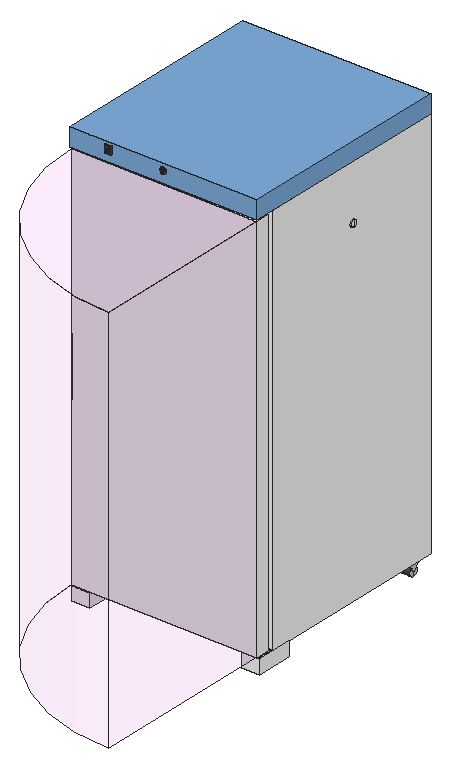
Revit family "QF_Summit_ACR1011W_24_Wide_Upright_Healthcare_Refrigerator", category Specialty Equipment, Revit 2021
Family settings
  Round Connector Dimension = Use Diameter
  Part Type = Normal
  Work Plane-Based = No
  Always vertical = Yes
  Cut with Voids When Loaded = No
  Shared = No
  Room Calculation Point = No
Parameters
  Weight in Pounds = 116.8
  Watts = Volts * FL Amps  # 230 W
  Volts = 115 V
  URL Cutsheet = ""
  Specification by User = ""
  Specification by Manufacturer = ""
  Show Right Hand Door [instance] = yes
  Show Left Hand Door [instance] = not(Show Right Hand Door)  # no
  Show Clearance [instance] = yes
  Serial Number = ""
  Seismic Rating = ""
  SMACNA No = ""
  Revision Code = ""
  Refrigerant Type = "R600a"
  Phase = 1
  Number of Poles = 1
  NAFEM Spec ID Number = ""
  Model = "ACR1011W"
  Min Ckt Ampacity = 0 A
  Max Overcurrent Protection = 0 A
  Masterspec = ""
  Manufacturer = "Summit"
  Length = 23.38"
  Item Number = ""
  Installed By = ""
  Identify Quantity as Lot = yes
  Height = 53.13"
  HP = ""
  Furnished By = ""
  Foodservice Equipment Identifier = yes
  FL Amps = 2 A
  Electrical Remarks = ""
  Electric Connection Type = ""
  Elec Conn RI Height = 0"
  Elec Conn Connection Height = 0"
  Description = "24\" Wide Upright Healthcare Refrigerator"
  Depth = 27 3/4"
  Default Elevation = 0"
  Cycle = 60 Hz
  Conn Plug = ""
  Conn Conduit = yes
  CSI MasterFormat = ""
  Apparent Power = 0 VA
Reference planes (in)
  plane 1 "BACK": y = 0
  plane 2: z = 0
  plane 3 "LEFT": x = 0
  plane 4 "RIGHT": x = 23.38
  plane 5 "FRONT": y = -27.75
  plane 6 "TOP": z = 53.13
  plane 7 "Center Y": x = 11.69
  plane 8 "Center X": y = -13.875
Forms (in)
  Extrusion 1, solid, material "QF_Metallic_Paint_Black_Smooth"
    sketch origin (23.5, -27.75, 34) x (-1, 0, 0) y (0, 0, -1)
      loop
        line (19, -18.8175) -> (19, -17.8175) -> (18.25, -17.8175) -> (18.25, -18.8175) -> (19, -18.8175)
      loop
        line (18.9375, -17.88) -> (18.3125, -17.88) -> (18.3125, -18.755) -> (18.9375, -18.755) -> (18.9375, -17.88)
    from 0 to 0.06944
  Extrusion 2, solid, material "QF_Metal_Stainless_Polished"
    sketch origin (25.875, -27.75, 34.375) x (-1, 0, 0) y (0, 0, -1)
      loop
        circle (14.185, -17.9425) r 0.375
      loop
        circle (14.185, -17.9425) r 0.33622
    from 0 to 0.03125
  Extrusion 3, solid, material "QF_Metallic_Paint_Black_Smooth"
    sketch origin (25.875, -27.75, 34.375) x (-1, 0, 0) y (0, 0, -1)
      loop
        circle (14.185, -17.9425) r 0.33622
      loop
        circle (14.185, -17.9425) r 0.07983
    from 0 to 0.03125
  Extrusion 4, solid, material "QF_Metallic_Paint_Black_Smooth"
    sketch origin (4.5625, -27.75, 51.88) x (0, 0, 1) y (0, -1, 0)
      loop
        arc (0.875, 0.12309) -> (0.86283, 0.15087) -> (0.83417, 0.16076) r 0.03779
        line (0.83417, 0.16076) -> (0.44703, 0.12948)
        arc (0.44703, 0.12948) -> (0.44158, 0.11472) -> (0.42712, 0.10851) r 0.01994
        line (0.42712, 0.10851) -> (0.03125, 0.10851)
        arc (0.03125, 0.10851) -> (0.00915, 0.09935) -> (0, 0.07726) r 0.03125
        line (0, 0.07726) -> (0, 0) -> (0.875, 0) -> (0.875, 0.12309)
    from 0 to 0.625
  Extrusion 5, solid, material "QF_Metal_Stainless_Polished"
    sketch origin (25.875, -27.75, 34.375) x (-1, 0, 0) y (0, 0, -1)
      loop
        circle (14.185, -17.9425) r 0.07983
    from 0 to 0.03125
  Extrusion 6, solid, material "QF_Plastic_Light_Blue_Smooth"
    sketch origin (-38.39759, -180, 53.13) x (-1, 0, 0) y (0, -1, 0)
      loop
        line (-38.39759, -152.25) -> (-61.77759, -152.25) -> (-61.77759, -179.25) -> (-38.39759, -179.25) -> (-38.39759, -152.25)
    from 0 to -2.25611
  Extrusion 7, solid, material "QF_Plastic_White_Smooth"
    sketch origin (0, 0, 0) x (0, 1, 0) y (0, 0, 1)
      loop
        line (-25.375, 50.87389) -> (-25.375, 1.74779) -> (-0.75, 1.74779) -> (-0.75, 50.87389) -> (-25.375, 50.87389)
    from 0 to 23.38
  Extrusion 8, solid, material "QF_Plastic_White_Smooth"
    sketch origin (0, -19.875, 5) x (1, 0, 0) y (0, -1, 0)
      loop
        line (0.625, 6) -> (0.625, 5.5) -> (22.755, 5.5) -> (22.755, 6) -> (0.625, 6)
    from 2.50221 to -45.12389
  Extrusion 9, solid, material "QF_Metal_Stainless_Polished"
    sketch origin (0, -0.75, 51.60602) x (0, 0, -1) y (-1, 0, 0)
      loop
        circle (48.07735, -22.29558) r 0.25
    from 0 to 0.03125
  Revolve 10, solid, material "QF_Plastic_White_Smooth"
    sketch origin (0, -13, 49.00076) x (0, 0, 1) y (1, 0, 0)
      loop
        line (-4.50076, 23.38) -> (-4.50076, 23.63) -> (-4.87576, 23.63) -> (-4.87576, 23.38) -> (-4.50076, 23.38)
      axis (-4.87576, 23.38) -> (-4.87576, 23.63)
    angle from 0 to 360
  Extrusion 11, solid, material "QF_Metal_Stainless_Polished"
    sketch origin (2.75, -5.78899, 48) x (0, -1, 0) y (0, 0, 1)
      loop
        line (-5.03899, -3.62047) -> (-5.78899, -3.62047) -> (-5.78899, -35.36826) -> (-5.03899, -35.36826) -> (-5.03899, -3.62047)
    from 0 to -18
  Extrusion 12, solid, material "QF_Plastic_White_Smooth"
    sketch origin (23.5, 0, 0) x (0, 1, 0) y (0, 0, -1)
      loop
        line (-22.875, -1.74779) -> (-22.875, 0) -> (-27.375, 0) -> (-27.375, -1.74779) -> (-22.875, -1.74779)
    from 0.12 to 2.375
  Extrusion 13, solid, material "QF_Plastic_White_Smooth"
    sketch origin (-0.12, 0, 0) x (0, 1, 0) y (0, 0, 1)
      loop
        line (-22.875, 1.74779) -> (-27.375, 1.74779) -> (-27.375, 0) -> (-22.875, 0) -> (-22.875, 1.74779)
    from 0.12 to 2.375
Lines and regions (in)
  Split face 1
    outline origin (0, -27.75, 53.13) x (1, 0, 0) y (0, 0, 1)
      loop
        line (14.94, -0.35741) -> (14.94, -1.88416) -> (18.38154, -1.88416) -> (18.38154, -0.35741) -> (14.94, -0.35741)
  Split face 2
    outline origin (0, -27.75, 53.13) x (1, 0, 0) y (0, 0, 1)
      loop
        line (18.96162, -0.11046) -> (18.96162, -2.18531) -> (22.71162, -2.18531) -> (22.71162, -0.11046) -> (18.96162, -0.11046)
  Split face 3
    outline origin (0, -27.75, 53.13) x (1, 0, 0) y (0, 0, 1)
      loop
        line (19.46162, -0.30414) -> (19.46162, -1.99164) -> (22.21162, -1.99164) -> (22.21162, -0.30414) -> (19.46162, -0.30414)
  symbolic lines
    curve 1: line (0, -0.75, 0) -> (23.38, -0.75, 0)
    curve 2: line (0, -27.75, 0) -> (0, -0.75, 0)
    curve 3: line (23.38, -27.75, 0) -> (0, -27.75, 0)
    curve 4: line (23.38, -0.75, 0) -> (23.38, -27.75, 0)
    curve 5: line (2.75, 0, 0) -> (2.75, -0.75, 0)
    curve 6: line (20.75, 0, 0) -> (2.75, 0, 0)
    curve 7: line (20.75, -0.75, 0) -> (20.75, 0, 0)
    curve 8: line (4.5, -27.75, 0) -> (4.5, -27.81944, 0)
    curve 9: line (4.5, -27.81944, 0) -> (5.25, -27.81944, 0)
    curve 10: line (5.25, -27.81944, 0) -> (5.25, -27.75, 0)
    curve 11: line (5.1875, -27.91089, 0) -> (5.1875, -27.81944, 0)
    curve 12: line (4.5625, -27.81944, 0) -> (4.5625, -27.91089, 0)
    curve 13: line (5.1875, -27.91089, 0) -> (4.5625, -27.91089, 0)
    curve 14: line (11.315, -27.78125, 0) -> (11.315, -27.75, 0)
    curve 15: line (11.315, -27.78125, 0) -> (12.065, -27.78125, 0)
    curve 16: line (12.065, -27.78125, 0) -> (12.065, -27.75, 0)
    curve 17: line (16.13, -27.78125, 0) -> (16.13, -27.75, 0)
    curve 18: line (16.13, -27.78125, 0) -> (19.13, -27.78125, 0)
    curve 19: line (19.13, -27.78125, 0) -> (19.13, -27.75, 0)
    curve 20: line (23.63, -12.625, 0) -> (23.38, -12.625, 0)
    curve 21: line (23.63, -12.625, 0) -> (23.63, -13.375, 0)
    curve 22: line (23.63, -13.375, 0) -> (23.38, -13.375, 0)
Dimensions and locks (in)
  equal spacing: plane 3 "LEFT", plane 7 "Center Y", plane 4 "RIGHT"
  "Length": plane 3 "LEFT" to plane 4 "RIGHT"
  equal spacing: plane 5 "FRONT", plane 8 "Center X", plane 1 "BACK"
  "Depth": plane 5 "FRONT" to plane 1 "BACK"
  "Height": plane 6 "TOP" to level
  aligned and locked: level to plane 2
Automatic sketch dimensions
  curve 1 to plane 3 "LEFT" = 0"
  plane 1 "BACK" to curve 6 = 0"
  plane 5 "FRONT" to curve 8 = 0"
  curve 1 to plane 4 "RIGHT" = 0"
  plane 3 "LEFT" to curve 6 = 2 3/4"
  plane 5 "FRONT" to curve 9 = 0.06944"
  plane 3 "LEFT" to curve 9 = 4 1/2"
  curve 8 to curve 13 = 1/16"
  plane 5 "FRONT" to curve 13 = 0.16089"
  curve 12 to curve 13 = 5/8"
  curve 11 to curve 9 = 1/16"
  plane 5 "FRONT" to curve 14 = 1/32"
  curve 14 to plane 7 "Center Y" = 3/8"
  plane 7 "Center Y" to curve 15 = 3/8"
  plane 5 "FRONT" to curve 17 = 1/32"
  curve 15 to curve 17 = 4.065"
  curve 17 to curve 19 = 3"
  plane 4 "RIGHT" to curve 6 = 2.63"
  curve 22 to curve 21 = 1/4"
  plane 8 "Center X" to curve 21 = 1/2"
  curve 21 to curve 20 = 3/4"
  plane 1 "BACK" to curve 2 = 3/4"
  Extrusion 1 sketch curve to plane 6 "TOP" = 5/16"
  plane 3 "LEFT" to Extrusion 1 sketch curve = 5 1/4"
  Extrusion 1 sketch curve to Extrusion 1 sketch curve = 1/16"  (x4)
  Extrusion 1 sketch curve to Extrusion 1 sketch curve = 5/8"
  Extrusion 1 sketch curve to Extrusion 1 sketch curve = 7/8"
  Extrusion 2 sketch curve to Extrusion 2 sketch curve = 0"  (x2)
  Extrusion 2 sketch curve to plane 7 "Center Y" = 0"
  Extrusion 2 sketch curve to plane 6 "TOP" = 13/16"
  Extrusion 3 sketch curve to Extrusion 3 sketch curve = 0"  (x2)
  Extrusion 3 sketch curve to plane 7 "Center Y" = 0"
  Extrusion 3 sketch curve to plane 6 "TOP" = 13/16"
  Extrusion 4 sketch curve to Extrusion 1 = 0"  (x2)
  Extrusion 1 to Extrusion 4 sketch curve = 0"
  Extrusion 1 to Extrusion 4 sketch curve = 1/32"
  Extrusion 4 sketch curve to Extrusion 1 = 0.059"
  Extrusion 4 sketch curve to Extrusion 4 sketch curve = 0.39587"
  Extrusion 4 sketch curve to Extrusion 1 = 0.06004"
  Extrusion 4 sketch curve to Extrusion 4 sketch curve = 0.01991"
  Extrusion 1 to Extrusion 4 sketch curve = 0.04083"
  Extrusion 4 sketch curve to Extrusion 4 sketch curve = 0.00304"
  Extrusion 4 sketch curve to Extrusion 1 = 0.05365"
  Extrusion 5 sketch curve to plane 7 "Center Y" = 0"
  Extrusion 5 sketch curve to plane 6 "TOP" = 13/16"
  Extrusion 6 sketch curve to plane 4 "RIGHT" = 0"
  Extrusion 6 sketch curve to plane 3 "LEFT" = 0"
  plane 5 "FRONT" to Extrusion 6 sketch curve = 0"
  plane 1 "BACK" to Extrusion 6 sketch curve = 3/4"
  Extrusion 7 sketch curve to plane 5 "FRONT" = 2 3/8"
  plane 1 "BACK" to Extrusion 7 sketch curve = 3/4"
  level to Extrusion 7 sketch curve = 1.74779"
  Extrusion 7 sketch curve to plane 6 "TOP" = 2.25611"
  plane 3 "LEFT" to Extrusion 8 sketch curve = 5/8"
  plane 4 "RIGHT" to Extrusion 8 sketch curve = 5/8"
  Extrusion 8 sketch curve to plane 5 "FRONT" = 1 7/8"
  Extrusion 8 sketch curve to Extrusion 8 sketch curve = 1/2"
  Extrusion 7 to Extrusion 9 sketch curve = 1.78088"
  Extrusion 7 to Extrusion 9 sketch curve = 1.08442"
  plane 4 "RIGHT" to Revolve 10 sketch curve = 0"  (x2)
  Revolve 10 sketch curve to plane 6 "TOP" = 9.005"
  Revolve 10 sketch curve to Revolve 10 sketch curve = 3/8"
  Revolve 10 sketch curve to plane 4 "RIGHT" = 1/4"
  Revolve 10 sketch curve to Revolve 10 sketch curve = 0"
  Revolve 10 sketch curve to plane 4 "RIGHT" = 0.09237"
  Extrusion 11 sketch curve to plane 1 "BACK" = 0"
  plane 1 "BACK" to Extrusion 11 sketch curve = 3/4"
  level to Extrusion 11 sketch curve = 12.63174"
  Extrusion 11 sketch curve to plane 6 "TOP" = 8.75047"
  Extrusion 12 sketch curve to level = 0"
  Extrusion 12 sketch curve to plane 5 "FRONT" = 3/8"
  Extrusion 12 sketch curve to Extrusion 12 sketch curve = 4 1/2"
  level to Extrusion 12 sketch curve = 1.74779"
  Split face 1 sketch curve to Extrusion 6 = 0.37195"
  Split face 1 sketch curve to Extrusion 6 = 8.44"
  Split face 1 sketch curve to Split face 1 sketch curve = 3.44154"
  Split face 1 sketch curve to Extrusion 6 = 0.35741"
  Split face 2 sketch curve to Extrusion 6 = 0.07079"
  Split face 2 sketch curve to Extrusion 6 = 4.41838"
  Split face 2 sketch curve to Extrusion 6 = 0.66838"
  Split face 2 sketch curve to Extrusion 6 = 0.11046"
  Split face 3 sketch curve to Extrusion 6 = 0.26447"
  Split face 3 sketch curve to Extrusion 6 = 3.91838"
  Split face 3 sketch curve to Extrusion 6 = 1.16838"
  Split face 3 sketch curve to Extrusion 6 = 0.30414"
  Extrusion 13 sketch curve to level = 0"
  Extrusion 13 sketch curve to plane 5 "FRONT" = 3/8"
  Extrusion 13 sketch curve to Extrusion 13 sketch curve = 4 1/2"
  Extrusion 13 sketch curve to Extrusion 13 sketch curve = 1.74779"
  radius of Extrusion 2 sketch curve = 3/8"
  radius of Extrusion 2 sketch curve = 0.33622"
  radius of Extrusion 3 sketch curve = 0.33622"
  radius of Extrusion 3 sketch curve = 0.07983"
  radius of Extrusion 5 sketch curve = 0.07983"
  radius of Extrusion 9 sketch curve = 1/4"
Nested families (in)
  nested 1: "RHD AND LHD" at (0.065, -25.875, 0.24389), Show Clearance <- "Show Clearance", Show Left Hand Door <- "Show Left Hand Door", Show Right Hand Door <- "Show Right Hand Door", type "RHD AND LHD"
    with Show Right Hand Door yes, Show Left Hand Door no, Show Clearance yes, Right Hand Door yes, Left Hand Door no, Clearance yes
  nested 2: "2 INCHES_CASTER" at (22.3125, -3.21818, 0), type "2 INCHES_CASTER"
    with Type Mark "", Specification by User "", Revision Code "", Item Number "", Installed By "", Identify Quantity as Lot yes, Furnished By "", Foodservice Equipment Identifier yes, 2.5 Inches Caster yes
  nested 3: "2 INCHES_CASTER" at (1.1875, -3.21818, 0) x (-1, 0, 0) z (0, 0, 1), type "2 INCHES_CASTER"
    with Type Mark "", Specification by User "", Revision Code "", Item Number "", Installed By "", Identify Quantity as Lot yes, Furnished By "", Foodservice Equipment Identifier yes, 2.5 Inches Caster yes
Connectors (in)
  electrical at (22.29558, -0.71875, 3.52867), driven by "Volts", driven by "Watts"
    settings: on Extrusion 9, index 1, voltage 115 V, apparent load 230 VA, apparent load phase1 0 VA, apparent load phase2 0 VA, apparent load phase3 0 VA, power factor 1, load classification "Other", number of poles 1, system type 30, power factor state 1, is connector primary yes, connector utility no, sub classification motor no, connector description "ELECTRICAL CONNECTION"
Definition of nested family "RHD AND LHD"
  Parameters (values of type "RHD AND LHD")
    Weight in Pounds = 0
    URL Cutsheet = ""
    Specification by User = ""
    Specification by Manufacturer = ""
    Show Right Hand Door [instance] = yes
    Show Left Hand Door [instance] = yes
    Show Clearance [instance] = yes
    Serial Number = ""
    Seismic Rating = ""
    SMACNA No = ""
    Right Hand Door [instance] = Show Right Hand Door  # yes
    Revision Code = ""
    NAFEM Spec ID Number = ""
    Masterspec = ""
    Length = 23 1/4"
    Left Hand Door [instance] = Show Left Hand Door  # yes
    Item Number = ""
    Installed By = ""
    Identify Quantity as Lot = yes
    Height = 53.13"
    Furnished By = ""
    Foodservice Equipment Identifier = yes
    Depth = 1 3/4"
    Default Elevation = 0"
    Clearance [instance] = Show Clearance  # yes
    CSI MasterFormat = ""
  Reference planes (in)
    plane 1 "BACK": y = 0
    plane 2: z = 0
    plane 3 "LEFT": x = 0
    plane 4 "RIGHT": x = 23.25
    plane 5 "FRONT": y = -1.75
    plane 6 "TOP": z = 53.13
    plane 7 "Center Y": x = 11.625
    plane 8 "Center X": y = -0.875
  Dimensions and locks (in)
    equal spacing: plane 3 "LEFT", plane 7 "Center Y", plane 4 "RIGHT"
    "Length": plane 3 "LEFT" to plane 4 "RIGHT"
    equal spacing: plane 5 "FRONT", plane 8 "Center X", plane 1 "BACK"
    "Depth": plane 5 "FRONT" to plane 1 "BACK"
    "Height": plane 6 "TOP" to level
    aligned and locked: level to plane 2
  Nested families (in)
    nested 1: "RHD" at (0, 0, 0), Show Clearance <- "Show Clearance", Show Right Hand Door <- "Right Hand Door", visible <- "Right Hand Door", type "RHD"
      with Show Right Hand Door yes, Show Clearance yes, Right Hand Door yes, Clearance yes
    nested 2: "LHD" at (0, 0, 0), Show Clearance <- "Show Clearance", Show Left Hand Door <- "Left Hand Door", visible <- "Left Hand Door", type "LHD"
      with Show Left Hand Door yes, Show Clearance yes, Right Hand Door yes, Left Hand Door yes, Clearance yes
  Definition of nested family "RHD"
    Parameters (values of type "RHD")
      Weight in Pounds = 0
      URL Cutsheet = ""
      Specification by User = ""
      Specification by Manufacturer = ""
      Show Right Hand Door [instance] = yes
      Show Clearance [instance] = yes
      Serial Number = ""
      Seismic Rating = ""
      SMACNA No = ""
      Right Hand Door [instance] = Show Right Hand Door  # yes
      Revision Code = ""
      NAFEM Spec ID Number = ""
      Masterspec = ""
      Length = 23 1/4"
      Item Number = ""
      Installed By = ""
      Identify Quantity as Lot = yes
      Height = 53.13"
      Furnished By = ""
      Foodservice Equipment Identifier = yes
      Depth = 1 3/4"
      Default Elevation = 0"
      Clearance [instance] = Show Clearance  # yes
      CSI MasterFormat = ""
    Reference planes (in)
      plane 1 "BACK": y = 0
      plane 2: z = 0
      plane 3 "LEFT": x = 0
      plane 4 "RIGHT": x = 23.25
      plane 5 "FRONT": y = -1.75
      plane 6 "TOP": z = 53.13
      plane 7 "Center Y": x = 11.625
      plane 8 "Center X": y = -0.875
      plane 9: z = 1.5
    Forms (in)
      Extrusion 1, solid, visible <- "Right Hand Door"
        sketch origin (-2.76448, -1.75, 48) x (-1, 0, 0) y (0, 0, 1)
          loop
            line (-2.82698, 2.38) -> (-25.95198, 2.38) -> (-25.95198, -46.24611) -> (-2.82698, -46.24611) -> (-2.82698, 2.38)
        from 0 to 1.75
      Extrusion 2, solid, visible <- "Right Hand Door"
        sketch origin (0, -0.25, 14.27007) x (0, 1, 0) y (0, 0, 1)
          loop
            arc (0.125, 15.6275) -> (0.05178, 15.80428) -> (-0.125, 15.8775) r 0.25
            line (-0.125, 15.8775) -> (-1.125, 15.8775)
            arc (-1.125, 15.8775) -> (-1.30178, 15.80428) -> (-1.375, 15.6275) r 0.25
            line (-1.375, 15.6275) -> (-1.375, 8.1275)
            arc (-1.375, 8.1275) -> (-1.30178, 7.95072) -> (-1.125, 7.8775) r 0.25
            line (-1.125, 7.8775) -> (-0.125, 7.8775)
            arc (-0.125, 7.8775) -> (0.05178, 7.95072) -> (0.125, 8.1275) r 0.25
            line (0.125, 8.1275) -> (0.125, 15.6275)
          loop
            arc (-0.125, 15.12512) -> (-0.625, 15.62512) -> (-1.125, 15.12512) r 0.5
            line (-1.125, 15.12512) -> (-1.125, 8.6275)
            arc (-1.125, 8.6275) -> (-0.625, 8.1275) -> (-0.125, 8.6275) r 0.5
            line (-0.125, 8.6275) -> (-0.125, 15.12512)
        from 0 to 0.0625
      Extrusion 3, void
        sketch origin (0, -0.25, 14.27007) x (0, 1, 0) y (0, 0, 1)
          loop
            line (-0.125, 8.6275) -> (-0.125, 15.12512)
            arc (-0.125, 15.12512) -> (-0.625, 15.62512) -> (-1.125, 15.12512) r 0.5
            line (-1.125, 15.12512) -> (-1.125, 8.6275)
            arc (-1.125, 8.6275) -> (-0.625, 8.1275) -> (-0.125, 8.6275) r 0.5
        from 0 to 0.33876
      Extrusion 4, solid, visible <- "Clearance"
        sketch origin (23.1875, -1.75, 1.75389) x (0, 1, 0) y (1, 0, 0)
          loop
            line (0, -23.125) -> (0, 0) -> (-23.125, 0)
            arc (-23.125, 0) -> (-16.35184, -16.35184) -> (0, -23.125) r 23.125
        from 0 to -48.62611
      Revolve 5, solid, visible <- "Right Hand Door"
        sketch origin (22.75, -163.625, 20.255) x (0, 0, 1) y (0, -1, 0)
          loop
            line (30.125, -162.75) -> (30.125, -163) -> (30.375, -163) -> (30.375, -162.75) -> (30.125, -162.75)
          axis (30.375, -162.75) -> (30.125, -162.75)
        angle from 0 to 360
      Extrusion 6, solid, visible <- "Right Hand Door"
        sketch origin (18.75, 0.5, 1.50389) x (-1, 0, 0) y (0, 0, -1)
          loop
            line (-3.5625, -0.15066) -> (-3.5625, -0.08986) -> (-4.4375, -0.08986) -> (-4.4375, -0.15066) -> (-3.5625, -0.15066)
        from 0 to 1.84933
      Revolve 7, solid, visible <- "Right Hand Door"
        sketch origin (22.75, -163.625, 1.75389) x (0, 0, 1) y (0, -1, 0)
          loop
            line (-0.09934, -162.75) -> (-0.09934, -163) -> (0, -163) -> (0, -162.75) -> (-0.09934, -162.75)
          axis (0, -162.75) -> (-0.09934, -162.75)
        angle from 0 to 360
    Cuts and joins
      Extrusion 3 cuts Extrusion 1
      Extrusion 3 cuts Extrusion 2
    Lines and regions (in)
      symbolic lines, visible <- "Clearance"
        curve 1: arc (3.26979, -13.49949, 0) -> (0.87873, -7.83969, 0) -> (0.0625, -1.75, 0) r 23.125
        curve 2: line (23.1875, -2, 0) -> (3.26979, -13.49949, 0)
    Dimensions and locks (in)
      equal spacing: plane 3 "LEFT", plane 7 "Center Y", plane 4 "RIGHT"
      "Length": plane 3 "LEFT" to plane 4 "RIGHT"
      equal spacing: plane 5 "FRONT", plane 8 "Center X", plane 1 "BACK"
      "Depth": plane 5 "FRONT" to plane 1 "BACK"
      "Height": plane 6 "TOP" to level
      aligned and locked: level to plane 2
    Automatic sketch dimensions
      plane 4 "RIGHT" to Extrusion 1 sketch curve = 1/16"
      plane 3 "LEFT" to Extrusion 1 sketch curve = 1/16"
      level to Extrusion 1 sketch curve = 1 193/256"
      Extrusion 1 sketch curve to plane 6 "TOP" = 2 3/4"
      Extrusion 2 sketch curve to Extrusion 2 sketch curve = 1/4"  (x3)
      Extrusion 2 sketch curve to Extrusion 2 sketch curve = 1/2"  (x3)
      Extrusion 2 sketch curve to Extrusion 2 sketch curve = 0"  (x2)
      level to Extrusion 2 sketch curve = 22.14757"
      Extrusion 2 sketch curve to Extrusion 2 sketch curve = 6.49762"
      Extrusion 2 sketch curve to Extrusion 2 sketch curve = 0.50238"
      Extrusion 3 sketch curve to Extrusion 3 sketch curve = 1/2"
      level to Extrusion 3 sketch curve = 22.89757"
      Extrusion 3 sketch curve to Extrusion 3 sketch curve = 6.49762"
      Extrusion 4 sketch curve to Extrusion 1 = 0"  (x2)
      Extrusion 1 to Extrusion 4 sketch curve = 0"
      Extrusion 2 sketch curve to plane 5 "FRONT" = 1/8"
      Extrusion 3 sketch curve to plane 5 "FRONT" = 3/8"
      Revolve 5 sketch curve to plane 8 "Center X" = 0"  (x2)
      Revolve 5 sketch curve to plane 6 "TOP" = 2 3/4"
      Revolve 5 sketch curve to Revolve 5 sketch curve = 1/4"  (x2)
      Revolve 5 sketch curve to Revolve 5 sketch curve = 0.25472"
      Revolve 5 sketch curve to Revolve 5 sketch curve = 1/8"
      plane 4 "RIGHT" to Extrusion 6 sketch curve = 1/16"
      Extrusion 6 sketch curve to Extrusion 6 sketch curve = 7/8"
      level to Extrusion 6 sketch curve = 1.65455"
      Extrusion 6 sketch curve to Extrusion 6 sketch curve = 0.0608"
      Revolve 7 sketch curve to plane 8 "Center X" = 0"  (x2)
      level to Revolve 7 sketch curve = 1.65455"
      Revolve 7 sketch curve to Revolve 7 sketch curve = 0.09934"
      Revolve 7 sketch curve to Revolve 7 sketch curve = 1/4"
      Revolve 7 sketch curve to Revolve 7 sketch curve = 0.03038"
      Revolve 7 sketch curve to Revolve 7 sketch curve = 0"
      plane 5 "FRONT" to curve 1 = 0"
      plane 4 "RIGHT" to curve 1 = 1/16"
      plane 4 "RIGHT" to curve 2 = 1/16"
      plane 3 "LEFT" to curve 2 = 3.26979"
      plane 3 "LEFT" to curve 1 = 1/16"
      curve 2 to curve 1 = 1/4"
  Definition of nested family "LHD"
    Parameters (values of type "LHD")
      Weight in Pounds = 0
      URL Cutsheet = ""
      Specification by User = ""
      Specification by Manufacturer = ""
      Show Left Hand Door [instance] = yes
      Show Clearance [instance] = yes
      Serial Number = ""
      Seismic Rating = ""
      SMACNA No = ""
      Right Hand Door [instance] = yes
      Left Hand Door [instance] = Show Left Hand Door  # yes
      Revision Code = ""
      NAFEM Spec ID Number = ""
      Masterspec = ""
      Length = 23 1/4"
      Item Number = ""
      Installed By = ""
      Identify Quantity as Lot = yes
      Height = 53.13"
      Furnished By = ""
      Foodservice Equipment Identifier = yes
      Depth = 1 3/4"
      Default Elevation = 0"
      Clearance [instance] = Show Clearance  # yes
      CSI MasterFormat = ""
    Reference planes (in)
      plane 1 "BACK": y = 0
      plane 2: z = 0
      plane 3 "LEFT": x = 0
      plane 4 "RIGHT": x = 23.25
      plane 5 "FRONT": y = -1.75
      plane 6 "TOP": z = 53.13
      plane 7 "Center Y": x = 11.625
      plane 8 "Center X": y = -0.875
      plane 9: z = 1.5
      plane 10: z = 1.59375
    Forms (in)
      Extrusion 1, solid, visible <- "Left Hand Door"
        sketch origin (-2.76448, -1.75, 48) x (-1, 0, 0) y (0, 0, 1)
          loop
            line (-2.82698, 2.38009) -> (-25.95198, 2.38009) -> (-25.95198, -46.24611) -> (-2.82698, -46.24611) -> (-2.82698, 2.38009)
        from 0 to 1.75
      Extrusion 2, solid, visible <- "Left Hand Door"
        sketch origin (23.1875, -1.75, 38.44442) x (0, 0, -1) y (0, 1, 0)
          loop
            arc (8.62743, 1.625) -> (8.45065, 1.55178) -> (8.37743, 1.375) r 0.25
            line (8.37743, 1.375) -> (8.37743, 0.375)
            arc (8.37743, 0.375) -> (8.45065, 0.19822) -> (8.62743, 0.125) r 0.25
            line (8.62743, 0.125) -> (16.12743, 0.125)
            arc (16.12743, 0.125) -> (16.30421, 0.19822) -> (16.37743, 0.375) r 0.25
            line (16.37743, 0.375) -> (16.37743, 1.375)
            arc (16.37743, 1.375) -> (16.30421, 1.55178) -> (16.12743, 1.625) r 0.25
            line (16.12743, 1.625) -> (8.62743, 1.625)
          loop
            arc (9.12981, 1.375) -> (8.62981, 0.875) -> (9.12981, 0.375) r 0.5
            line (9.12981, 0.375) -> (15.62743, 0.375)
            arc (15.62743, 0.375) -> (16.12743, 0.875) -> (15.62743, 1.375) r 0.5
            line (15.62743, 1.375) -> (9.12981, 1.375)
        from 0 to 0.0625
      Extrusion 3, solid, visible <- "Clearance"
        sketch origin (2.21303, -1.75, 2.0025) x (0, -1, 0) y (-1, 0, 0)
          loop
            line (0, 2.15053) -> (0, -20.97447)
            arc (0, -20.97447) -> (16.35184, -14.20131) -> (23.125, 2.15053) r 23.125
            line (23.125, 2.15053) -> (0, 2.15053)
        from 0.24861 to -48.37759
      Extrusion 4, void
        sketch origin (23.1875, -1.75, 48.96314) x (0, 0, 1) y (0, 1, 0)
          loop
            arc (-19.64853, 0.375) -> (-19.14853, 0.875) -> (-19.64853, 1.375) r 0.5
            line (-19.64853, 1.375) -> (-26.14615, 1.375)
            arc (-26.14615, 1.375) -> (-26.64615, 0.875) -> (-26.14615, 0.375) r 0.5
            line (-26.14615, 0.375) -> (-19.64853, 0.375)
        from 0 to 0.68518
      Extrusion 5, solid, visible <- "Left Hand Door"
        sketch origin (1, 0.5, 1.50389) x (-1, 0, 0) y (0, 0, -1)
          loop
            line (0.9375, -0.15066) -> (0.9375, -0.08986) -> (0.0625, -0.08986) -> (0.0625, -0.15066) -> (0.9375, -0.15066)
        from 0 to 1.84933
      Revolve 6, solid, visible <- "Left Hand Door"
        sketch origin (0.5, -163.625, 1.75389) x (0, 0, 1) y (0, -1, 0)
          loop
            line (-0.09934, -162.75) -> (-0.09934, -163) -> (0, -163) -> (0, -162.75) -> (-0.09934, -162.75)
          axis (0, -162.75) -> (-0.09934, -162.75)
        angle from 0 to 360
      Revolve 7, solid, visible <- "Right Hand Door"
        sketch origin (0.5007, -163.625, 20.255) x (0, 0, 1) y (0, 1, 0)
          loop
            line (30.12509, 162.75) -> (30.375, 162.75) -> (30.375, 163) -> (30.12509, 163) -> (30.12509, 162.75)
          axis (30.375, 162.75) -> (30.12509, 162.75)
        angle from 0 to 360
    Cuts and joins
      Extrusion 4 cuts Extrusion 1
    Lines and regions (in)
      symbolic lines, visible <- "Left Hand Door"
        curve 1: line (0.06419, -2.00098, 0) -> (19.98021, -13.49949, 0)
      symbolic lines
        curve 2: arc (23.1875, -1.75, 0) -> (22.37127, -7.83969, 0) -> (19.98021, -13.49949, 0) r 23.125
    Dimensions and locks (in)
      equal spacing: plane 3 "LEFT", plane 7 "Center Y", plane 4 "RIGHT"
      "Length": plane 3 "LEFT" to plane 4 "RIGHT"
      equal spacing: plane 5 "FRONT", plane 8 "Center X", plane 1 "BACK"
      "Depth": plane 5 "FRONT" to plane 1 "BACK"
      "Height": plane 6 "TOP" to level
      aligned and locked: level to plane 2
    Automatic sketch dimensions
      plane 4 "RIGHT" to Extrusion 1 sketch curve = 1/16"
      plane 3 "LEFT" to Extrusion 1 sketch curve = 1/16"
      Extrusion 4 sketch curve to Extrusion 1 = 7/8"
      Extrusion 4 sketch curve to Extrusion 1 = 21.0631"
      Extrusion 4 sketch curve to Extrusion 4 sketch curve = 6.49762"
      Extrusion 4 sketch curve to Extrusion 1 = 3/8"
      plane 3 "LEFT" to Extrusion 5 sketch curve = 15/16"
      plane 3 "LEFT" to Extrusion 5 sketch curve = 1/16"
      Revolve 6 sketch curve to plane 8 "Center X" = 0"  (x2)
      Revolve 6 sketch curve to Revolve 6 sketch curve = 0.09934"
      Revolve 6 sketch curve to Revolve 6 sketch curve = 1/4"
      Revolve 6 sketch curve to Revolve 6 sketch curve = 0.03038"
      Revolve 6 sketch curve to Revolve 6 sketch curve = 0"
      Revolve 7 sketch curve to plane 8 "Center X" = 0"  (x2)
      Revolve 7 sketch curve to Revolve 7 sketch curve = 1/4"
      Revolve 7 sketch curve to Revolve 7 sketch curve = 0.25472"
      Revolve 7 sketch curve to Revolve 7 sketch curve = 1/8"
      Extrusion 1 sketch curve to plane 6 "TOP" = 2.74991"
      Revolve 7 sketch curve to plane 6 "TOP" = 2.74991"
      Revolve 7 sketch curve to Revolve 7 sketch curve = 0.24991"
      plane 5 "FRONT" to Extrusion 3 sketch curve = 0"
      plane 3 "LEFT" to Extrusion 3 sketch curve = 1/16"
      Extrusion 3 sketch curve to Extrusion 3 sketch curve = 23 1/8"
      plane 3 "LEFT" to curve 1 = 0.06419"
      plane 4 "RIGHT" to curve 1 = 3.26979"
      plane 5 "FRONT" to curve 1 = 0.25098"
      plane 5 "FRONT" to curve 2 = 0"
      plane 3 "LEFT" to curve 2 = 1/16"
      plane 4 "RIGHT" to curve 2 = 1/16"
      Extrusion 1 to Extrusion 2 sketch curve = 3/8"  (x3)
      Extrusion 1 to Extrusion 2 sketch curve = 20.3131"
      Extrusion 2 sketch curve to Extrusion 2 sketch curve = 1/4"  (x3)
      Extrusion 2 sketch curve to Extrusion 2 sketch curve = 0.50238"
      Extrusion 2 sketch curve to Extrusion 2 sketch curve = 6.49762"
      Extrusion 2 sketch curve to Extrusion 2 sketch curve = 1/2"  (x3)
      Extrusion 5 sketch curve to Extrusion 5 sketch curve = 0.0608"
      level to Extrusion 1 sketch curve = 1 193/256"
      level to Extrusion 5 sketch curve = 1.65455"
      level to Revolve 6 sketch curve = 1.65455"
Definition of nested family "2 INCHES_CASTER"
  Parameters (values of type "2 INCHES_CASTER")
    Weight = ""
    URL Manufacturer = ""
    URL Cutsheet = ""
    URL = ""
    Type Mark [instance] = ""
    Specification by User [instance] = ""
    Specification by Manufacturer = ""
    Serial Number = ""
    Seismic Rating = ""
    SMACNA No = ""
    Revision Code [instance] = ""
    Omniclass Number and Title = ""
    NAFEM Spec ID Number = ""
    Model = ""
    MasterSpec. = ""
    Manufacturer = ""
    Item Number [instance] = ""
    Installed By [instance] = ""
    Identify Quantity as Lot [instance] = yes
    Furnished By [instance] = ""
    Foodservice Equipment Identifier [instance] = yes
    Description = ""
    Default Elevation = 0"
    CSI MasterFormat = ""
    CSI Master Format = ""
    Assembly Code = ""
    2.5 Inches Caster [instance] = yes
  Reference planes (in)
    plane 1: z = 0
    plane 2 "RIGHT": x = 0
    plane 3 "FRONT": y = 0
    plane 4 "TOP": z = 1.75
  Forms (in)
    Revolve 1, solid, visible <- "2.5 Inches Caster"
      sketch origin (-1.93794, 0.46818, -1.0041) x (1, 0, 0) y (0, 0, 1)
        loop
          line (1.3915, 1.51374) -> (1.3915, 1.0041) -> (2.48438, 1.0041) -> (2.48438, 1.51374) -> (1.3915, 1.51374)
        axis (1.3915, 1.51374) -> (2.48438, 1.51374)
      angle from 0 to 360
    Extrusion 2, solid
      sketch origin (0.54644, 0.46818, 0.5) x (0, 0, -1) y (0, 1, 0)
        loop
          line (0, 0) -> (-1.25, 0.9375) -> (-1.25, -0.9375) -> (0, 0)
      from 0 to 0.0625
    Extrusion 3, solid
      sketch origin (-0.54644, 0.46818, 0.5) x (0, 0, -1) y (0, -1, 0)
        loop
          line (0, 0) -> (-1.25, 0.9375) -> (-1.25, -0.9375) -> (0, 0)
      from 0 to 0.0625
    Extrusion 4, solid
      sketch origin (-0.54644, 0.46818, 0.5) x (0, 0, 1) y (0, -1, 0)
        loop
          line (1.25, 0.9375) -> (0.80177, 0.60133)
          arc (0.80177, 0.60133) -> (1.03384, 0) -> (0.80177, -0.60133) r 0.89512
          line (0.80177, -0.60133) -> (1.25, -0.9375) -> (1.25, 0.9375)
      from 0 to 1.09287
  Cuts and joins
    joined: Extrusion 2, Extrusion 3, Extrusion 4
  Dimensions and locks (in)
    plane 4 "TOP" to level = 1 3/4"
    aligned and locked: level to plane 1
